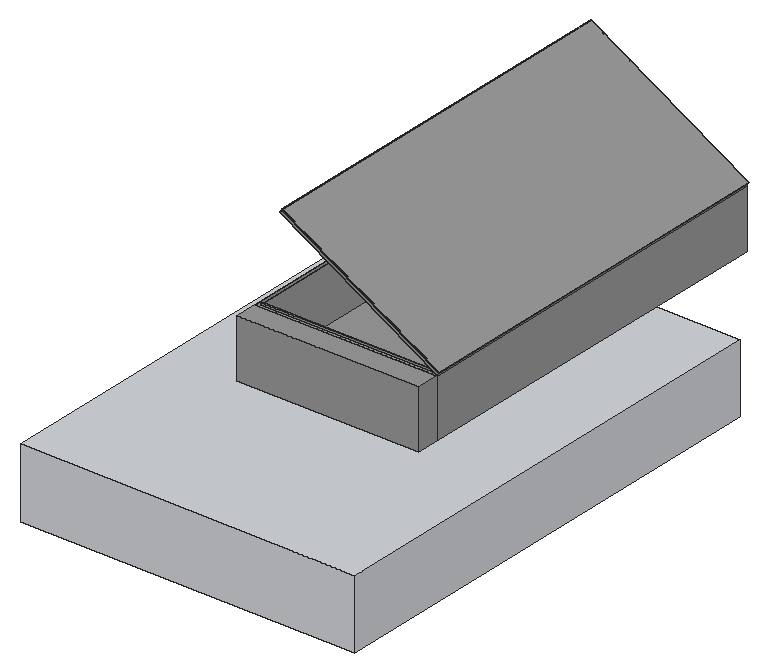
Revit family "Hager-Univers-IP55-D275-H1800-Cl.I-Steel_encl-DE-de", category Equipement électrique, Revit 2020
Family settings
  Hôte = Face
  Configuration du panneau = Deux colonnes, circuits au sein
  Cote de connecteur circulaire = Utiliser le diamètre
  Type d'élément = Tableau de raccordement
  Couper avec des vides une fois chargée = Non
  Partagée = Non
  Point de calcul de pièce = Non
Parameters (values of type "Bodenaufstellung IP55 B800 H1800 T275  - FR13E1")
  Width Control [instance] = if([EF000008 - Breite] > Min Width, [EF000008 - Breite], Min Width)  # 800 mm
  Commentaires du type = [HG000003 - Bereich]  # "Univers"
  Thickness Door [instance] = if([EF009171 - Materialstärke Tür/Deckel] > 3 mm, 3 mm, [EF009171 - Materialstärke Tür/Deckel])  # 1.5 mm
  Seal Frame Offset [instance] = 17 mm  # constant formula
  Plinth Visibility [instance] = [HG000027 - Sockelhöhe] > 0 mm  # yes
  Model = ""
  Min Width [instance] = 100 mm  # constant formula
  Min Height [instance] = 100 mm  # constant formula
  Min Depth [instance] = (2 * [EF009170 - Materialstärke Gehäuse]) + 1 mm  # 4 mm
  Internal Frame Depth [instance] = (Door System Depth * 0.5)  # 9 mm
  Height Control [instance] = if([EF000040 - Höhe] > Min Height, [EF000040 - Höhe], Min Height)  # 1800 mm
  HG000027 - Sockelhöhe = 100 mm
  HG000026 - Stehend auf dem Boden = yes
  HG000024 - Höhe des unteren Teils = 800 mm
  HG000023 - Gehäuse mit doppeltem Querschnitt = no
  HG000016 - 3D-Türsichtbarkeit [instance] = yes
  HG000015 - Sichtbarkeit der Türöffnung [instance] = no
  HG000014 - Tür rechts [instance] = yes
  HG000013 - Tür links [instance] = not([HG000014 - Tür rechts])  # no
  HG000012 - Türschwenkwinkel [instance] = 30.00°
  HG000010 - Asymmetrische Türen = no
  HG000009 - Doppelflügeligen Tür = no
  HG000006 - Unterputz = no
  HG000004 - Herstellerreferenz = "FR13E1"
  HG000003 - Bereich = "Univers"
  HG000002 - Mit tür = yes
  Frame Offset Bottom [instance] = 10 mm  # constant formula
  Frame Offset [instance] = 15 mm  # constant formula
  EF015940 - Deckel mit Überdruckentlastung = no
  EF011959 - Schutzart (NEMA) = ""
  EF009554 - Anzahl der Öffnungen für Flanschplatten = 6
  Fabricant = "Hager"  # constant formula
  EF009212 - Ausführung Deckel = "EV000116 - geschlossen"
  EF009171 - Materialstärke Tür/Deckel = 1.5 mm
  EF009170 - Materialstärke Gehäuse = 1.5 mm
  EF008873 - Nennstrom (In) = 800 A
  EF007800 - Geeignet für Blitzschutz = no
  EF006306 - Mit Schloss = no
  EF006244 - Transparenter Deckel/Tür = no
  EF005474 - Schutzart (IP) = "EV006420 - IP55"
  EF004464 - Art der Tür = "EV002646 - Einzel"
  EF004427 - Anzahl der Module = 396
  EF004293 - Schlagfestigkeit = "EV008784 - IK10"
  EF003532 - Geeignet für Außengebrauch = no
  EF002950 - Breite in Teilungseinheiten = 24
  EF001613 - Funktionserhalt = "EV000494 - ohne"
  EF001596 - Werkstoff des Gehäuses = "EV000179 - Stahl"
  EF001131 - Innentiefe = 275 mm
  EF001088 - Anbaumöglichkeit = yes
  EF000437 - Anzahl der Leitungseinführungen = 6
  EF000339 - Art der Abdeckung = "EV004216 - Tür"
  EF000266 - Anzahl der Reihen = 11
  EF000218 - Einbautiefe = 0 mm
  EF000118 - Mit Montageplatte = no
  EF000116 - RAL-Nummer = "7035"
  EF000049 - Tiefe = 275 mm
  EF000040 - Höhe = 1800 mm
  EF000008 - Breite = 800 mm
  EF000007 - Farbe = "EV000270 - grau"
  EF000003 - Montageart = "EV012274 - Bodenaufstellung"
  Door System Leaf Tolerance [instance] = 1.5 mm  # constant formula
  Door System Depth [instance] = 18 mm  # constant formula
  Door Height [instance] = Height Control - [HG000027 - Sockelhöhe]  # 1700 mm
  Depth Control [instance] = if([EF000049 - Tiefe] > Min Depth, [EF000049 - Tiefe], Min Depth)  # 275 mm
  Default Elevation = 0 mm
  Connector Offset [instance] = Height Control / 2  # 900 mm
  Bottom Top Plate Trim [instance] = 1.5 mm  # constant formula
  Plinth height Ctrl [instance] = if([HG000027 - Sockelhöhe] > 0 mm, [HG000027 - Sockelhöhe], 12 mm)  # 100 mm
Types (5, lengths in mm): name | Width Control | HG000010 - Asymmetrische Türen | HG000009 - Doppelflügeligen Tür | HG000004 - Herstellerreferenz | EF009554 - Anzahl der Öffnungen für Flanschplatten | EF004464 - Art der Tür | EF004427 - Anzahl der Module | EF000437 - Anzahl der Leitungseinführungen | EF000008 - Breite
  Bodenaufstellung IP55 B1050 H1800 T275  - FR14E1 | 1050 | yes | yes | "FR14E1" | 8 | "EV003602 - Doppel" | 528 | 8 | 1050
  Bodenaufstellung IP55 B1300 H1800 T275  - FR15E1 | 1300 | yes | yes | "FR15E1" | 10 | "EV003602 - Doppel" | 660 | 10 | 1300
  Bodenaufstellung IP55 B300 H1800 T275  - FR11E1 | 300 | no | no | "FR11E1" | 2 | "EV002646 - Einzel" | 132 | 2 | 300
  Bodenaufstellung IP55 B550 H1800 T275  - FR12E1 | 550 | no | no | "FR12E1" | 4 | "EV002646 - Einzel" | 264 | 4 | 550
  Bodenaufstellung IP55 B800 H1800 T275  - FR13E1 | 800 | no | no | "FR13E1" | 6 | "EV002646 - Einzel" | 396 | 6 | 800
Reference planes
  plane 1 "Center (Front/Back)": y = 0
  plane 2: z = 0
  plane 3 "Center (Left/Right)": x = 0
  plane 4: z = 275
  plane 5: y = 101.5
  plane 6: y = 950
  plane 7: y = 100
  plane 8: y = 1800
  plane 9: z = 0
  plane 10: x = -385
  plane 11: x = 385
  plane 12: x = 383.5
  plane 13: x = -383.5
  plane 14: y = 1798.5
  plane 15: x = -383
  plane 16: x = -400
  plane 17: x = 383
  plane 18: x = 400
  plane 19: x = 398.5
  plane 20: x = -398.5
  plane 21: y = 111.5
  plane 22: y = 1800
  plane 23: y = 1783.5
  plane 24: z = 257
  plane 25: z = 1.5
  plane 26: z = 255.5
  plane 27: z = 273.5
Forms (mm)
  Extrusion 1, solid
    sketch origin (0, 0, 0) x (1, 0, 0) y (0, 1, 0)
      loop
        line (-702.964, 1305) -> (-702.964, -811.445) -> (766.763, -811.445) -> (766.763, 1305) -> (-702.964, 1305)
    from 0 to -304.8
  Extrusion 2, solid, material "Hager_Steel_RAL7035_Light_Grey", visible <- "Plinth Visibility", detail levels medium+fine
    sketch origin (0, 0, 0) x (1, 0, 0) y (0, 1, 0)
      loop
        line (-400, 0) -> (400, 0) -> (400, 100) -> (-400, 100) -> (-400, 0)
    from 0 to 257
  Extrusion 3, solid, material "Hager_Steel_RAL7035_Light_Grey", detail levels medium+fine
    sketch origin (0, 0, 0) x (1, 0, 0) y (0, 1, 0)
      loop
        line (-400, 100) -> (400, 100) -> (400, 1800) -> (-400, 1800) -> (-400, 100)
    from 0 to 257
  Extrusion 4, void
    sketch origin (0, 0, 0) x (1, 0, 0) y (0, 1, 0)
      loop
        line (-398.5, 101.5) -> (398.5, 101.5) -> (398.5, 1798.5) -> (-398.5, 1798.5) -> (-398.5, 101.5)
    from 1.5 to 255.5
  Extrusion 5, void
    sketch origin (-381.607, -4572, 257) x (0, -1, 0) y (-1, 0, 0)
      loop
        line (-4683.5, 1.893) -> (-6355.5, 1.893) -> (-6355.5, -765.107) -> (-4683.5, -765.107) -> (-4683.5, 1.893)
    from 0 to 1.5 <- "EF009170 - Materialstärke Gehäuse"
  Extrusion 6, solid, material "Hager_Steel_RAL7035_Light_Grey", detail levels fine
    sketch origin (0, 0, 257) x (1, 0, 0) y (0, 1, 0)
      loop
        line (-383.5, 1783.5) -> (-383.5, 111.5) -> (383.5, 111.5) -> (383.5, 1783.5) -> (-383.5, 1783.5)
      loop
        line (-385, 110) -> (385, 110) -> (385, 1785) -> (-385, 1785) -> (-385, 110)
    from 0 to 9 <- "Internal Frame Depth"
  Extrusion 7, solid, material "Hager_Steel_RAL7035_Light_Grey", detail levels coarse
    sketch origin (0, 0, 0) x (1, 0, 0) y (0, 1, 0)
      loop
        line (-400, 0) -> (400, 0) -> (400, 1800) -> (-400, 1800) -> (-400, 0)
    from 0 to 275
  Sweep 8, void
    path in 3D
      loop
        line (-400, 100, 0) -> (400, 100, 0) -> (400, 100, 257) -> (-400, 100, 257) -> (-400, 100, 0)
    profile origin (-400, 100, 128.5) x (-1, 0, 0) y (0, -1, 0)
      loop
        line (0, 0) -> (0, 1.5) -> (-1.5, 1.5)
        arc (-1.5, 1.5) -> (-1.061, 0.439) -> (0, 0) r 1.5
Cuts and joins
  Extrusion 4, Extrusion 5 cuts Extrusion 3
  Sweep 8 cuts Extrusion 2
Lines and regions (mm)
  Masking region 1
    outline origin (0, 0, 0) x (1, 0, 0) y (0, 0, 1)
      loop
        line (-400, 275) -> (-400, 0) -> (400, 0) -> (400, 275) -> (-400, 275)
  Masking region 2, detail levels medium+fine
    outline origin (0, 140, 0) x (0, 1, 0) y (0, 0, 1)
      loop
        line (-40, 0) -> (1660, 0) -> (1660, 257) -> (-40, 257) -> (-40, 0)
  Masking region 3, not visible, detail levels medium+fine
    outline origin (0, 297.922, 0) x (0, 1, 0) y (0, 0, 1)
      loop
        line (663.578, 0) -> (703.578, 0) -> (703.578, 263.5)
        arc (703.578, 263.5) -> (700.649, 270.571) -> (693.578, 273.5) r 10
        line (693.578, 273.5) -> (663.578, 273.5) -> (663.578, 0)
  Masking region 4, detail levels coarse
    outline origin (0, 0, 180) x (0, 1, 0) y (0, 0, 1)
      loop
        line (0, -180) -> (1800, -180) -> (1800, 95) -> (0, 95) -> (0, -180)
  Masking region 5, visible <- "Plinth Visibility", detail levels medium+fine
    outline origin (0, 52.24, 12.345) x (0, 0, -1) y (0, 1, 0)
      loop
        line (10.845, 47.76) -> (-243.155, 47.76)
        arc (-243.155, 47.76) -> (-243.594, 46.699) -> (-244.655, 46.26) r 1.5
        line (-244.655, 46.26) -> (-244.655, -52.24) -> (12.345, -52.24) -> (12.345, 46.26)
        arc (12.345, 46.26) -> (11.285, 46.699) -> (10.845, 47.76) r 1.5
  Masking region 6, detail levels medium+fine
    outline origin (-381.607, -4572, 257) x (-1, 0, 0) y (0, -1, 0)
      loop
        line (18.393, -6372) -> (18.393, -4672) -> (-781.607, -4672) -> (-781.607, -6372) -> (18.393, -6372)
  Masking region 7, visible <- "Plinth Visibility", detail levels medium+fine
    outline origin (-381.607, -4727, 257) x (-1, 0, 0) y (0, -1, 0)
      loop
        arc (16.893, -4827) -> (17.332, -4825.939) -> (18.393, -4825.5) r 1.5
        line (18.393, -4825.5) -> (18.393, -4727) -> (-781.607, -4727) -> (-781.607, -4825.5)
        arc (-781.607, -4825.5) -> (-780.546, -4825.939) -> (-780.107, -4827) r 1.5
        line (-780.107, -4827) -> (16.893, -4827)
  Masking region 8, detail levels coarse
    outline origin (-442.548, -4669.526, 257) x (-1, 0, 0) y (0, -1, 0)
      loop
        line (-42.548, -6469.526) -> (-42.548, -4669.526) -> (-842.548, -4669.526) -> (-842.548, -6469.526) -> (-42.548, -6469.526)
  sketch lines
    curve 1: line (-400, 100, 257) -> (-400, 100, 0)
    curve 2: line (400, 100, 257) -> (-400, 100, 257)
    curve 3: line (400, 100, 257) -> (400, 100, 0)
    curve 4: line (-400, 100, 0) -> (400, 100, 0)
Dimensions and locks
  "Depth Control": plane 4 to Extrusion 1
  "HG000027 - Sockelhöhe": plane 1 "Center (Front/Back)" to plane 7
  "EF009170 - Materialstärke Gehäuse": plane 5 to plane 7
  locked: connector elem to plane 3 "Center (Left/Right)"
  equal spacing: plane 8, plane 6, plane 7
  locked: connector elem to plane 6
  "EF009170 - Materialstärke Gehäuse": plane 8 to plane 14
  "EF009170 - Materialstärke Gehäuse": plane 10 to plane 13
  "EF009170 - Materialstärke Gehäuse": plane 12 to plane 11
  "Frame Offset": plane 20 to plane 13
  "Frame Offset": plane 12 to plane 19
  "EF009170 - Materialstärke Gehäuse": plane 16 to plane 20
  "EF009170 - Materialstärke Gehäuse": plane 19 to plane 18
  "Seal Frame Offset": plane 16 to plane 15
  "Seal Frame Offset": plane 17 to plane 18
  "Frame Offset Bottom": plane 21 to plane 5
  "Frame Offset": plane 14 to plane 23
  equal spacing: plane 16, plane 3 "Center (Left/Right)", plane 18
  "Width Control": plane 16 to plane 18
  "EF009170 - Materialstärke Gehäuse": plane 4 to plane 27
  "EF009170 - Materialstärke Gehäuse": plane 24 to plane 26
  "EF009170 - Materialstärke Gehäuse": plane 25 to level
  "Door System Depth": plane 4 to plane 24
  "Height Control": plane 1 "Center (Front/Back)" to Extrusion 7 sketch curve
  "Height Control": Masking region 4 sketch curve to plane 1 "Center (Front/Back)"
  "Height Control": plane 1 "Center (Front/Back)" to plane 22
  "Bottom Top Plate Trim": profile plane to Sweep 8 sketch curve
  "Bottom Top Plate Trim": Sweep 8 sketch curve to profile plane
  "Plinth height Ctrl": plane 1 "Center (Front/Back)" to Extrusion 2 sketch curve
  "Plinth height Ctrl": Masking region 5 sketch curve to plane 1 "Center (Front/Back)"
  "Plinth height Ctrl": plane 1 "Center (Front/Back)" to Masking region 7 sketch curve
  "Thickness Door": Extrusion 6 sketch curve to Extrusion 6 sketch curve  (x3)
  "Thickness Door": cut or joined group of Extrusion 3, Extrusion 4, Extrusion 5 to Extrusion 6 sketch curve
  radius of Masking region 3 sketch curve = 10 mm
  "Bottom Top Plate Trim": radius of Masking region 5 sketch curve  (x2)
  "Bottom Top Plate Trim": radius of Sweep 8 sketch curve
  "Bottom Top Plate Trim": radius of Masking region 7 sketch curve  (x2)
  aligned and locked: plane 2 to Extrusion 1
  aligned and locked: level to Extrusion 1
  aligned and locked: level to Masking region 1 sketch curve
  aligned and locked: Masking region 1 sketch curve to plane 18
  aligned and locked: Masking region 1 sketch curve to plane 16
  aligned and locked: plane 7 to Masking region 2 sketch curve
  aligned and locked: level to Masking region 3 sketch curve
  aligned and locked: Masking region 3 sketch curve to plane 27
  aligned and locked: level to Masking region 2 sketch curve
  aligned and locked: plane 1 "Center (Front/Back)" to Extrusion 2 sketch curve
  aligned and locked: Extrusion 3 sketch curve to plane 7
  aligned and locked: plane 16 to Extrusion 3 sketch curve
  aligned and locked: plane 18 to Extrusion 3 sketch curve
  aligned and locked: plane 20 to Extrusion 4 sketch curve
  aligned and locked: plane 19 to Extrusion 4 sketch curve
  aligned and locked: Extrusion 4 sketch curve to plane 5
  aligned and locked: Extrusion 4 to plane 25
  aligned and locked: plane 26 to Extrusion 4
  aligned and locked: plane 24 to Extrusion 3
  aligned and locked: Extrusion 5 sketch curve to plane 21
  aligned and locked: Extrusion 5 sketch curve to plane 13
  aligned and locked: Extrusion 5 sketch curve to plane 12
  aligned and locked: plane 18 to Extrusion 7 sketch curve
  aligned and locked: plane 1 "Center (Front/Back)" to Extrusion 7 sketch curve
  aligned and locked: plane 16 to Extrusion 7 sketch curve
  aligned and locked: plane 4 to Extrusion 7
  aligned and locked: Extrusion 7 to level
  aligned and locked: level to Masking region 4 sketch curve
  aligned and locked: Masking region 4 sketch curve to plane 1 "Center (Front/Back)"
  aligned and locked: Masking region 4 sketch curve to plane 4
  aligned and locked: nested 1 to level
  aligned and locked: nested 1 to plane 16
  aligned and locked: plane 8 to Extrusion 3 sketch curve
  aligned and locked: plane 23 to Extrusion 5 sketch curve
  aligned and locked: plane 14 to Extrusion 4 sketch curve
  aligned and locked: Masking region 2 sketch curve to plane 8
  aligned and locked: level to Masking region 5 sketch curve
  aligned and locked: plane 16 to Extrusion 2 sketch curve
  aligned and locked: plane 18 to Extrusion 2 sketch curve
  aligned and locked: Masking region 5 sketch curve to plane 24
  aligned and locked: Masking region 2 sketch curve to plane 24
  aligned and locked: plane 24 to Extrusion 2
  aligned and locked: profile plane to Sweep 8 sketch curve  (x2)
  aligned and locked: Masking region 6 sketch curve to plane 18
  aligned and locked: Masking region 6 sketch curve to plane 22
  aligned and locked: Masking region 6 sketch curve to plane 16
  aligned and locked: plane 8 to plane 22
  aligned and locked: Masking region 6 sketch curve to plane 7
  aligned and locked: Masking region 7 sketch curve to plane 16
  aligned and locked: Masking region 7 sketch curve to plane 1 "Center (Front/Back)"
  aligned and locked: Masking region 7 sketch curve to plane 18
  aligned and locked: Masking region 8 sketch curve to plane 1 "Center (Front/Back)"
  aligned and locked: Masking region 8 sketch curve to plane 18
  aligned and locked: Masking region 8 sketch curve to plane 22
  aligned and locked: Masking region 8 sketch curve to plane 16
  aligned and locked: nested 2 to plane 7
  aligned and locked: plane 3 "Center (Left/Right)" to nested 2
  aligned and locked: nested 2 to plane 24
  aligned and locked: Extrusion 6 sketch curve to cut or joined group of Extrusion 3, Extrusion 4, Extrusion 5  (x4)
Automatic sketch dimensions
  Extrusion 1 sketch curve to Extrusion 1 sketch curve = 1469.727 mm
  Extrusion 1 sketch curve to Extrusion 1 sketch curve = 2116.445 mm
  Masking region 1 sketch curve to plane 4 = 0 mm
  plane 6 to Masking region 3 sketch curve = 11.5 mm
  Masking region 3 sketch curve to Masking region 3 sketch curve = 30 mm
  Masking region 5 sketch curve to plane 1 "Center (Front/Back)" = 0 mm
Nested families
  nested 1: "Hager_Enclosure_Symbol" at (-400, 0, 0) x (1, 0, 0) z (0, -1, 0), Height <- "Depth Control", Width <- "Width Control", type "Hager_Enclosure_Symbol"
    with Width_Ctrl 800 mm, Width 800 mm, Height_Ctrl 275 mm, Height 275 mm, A_Width_Int 18.047 mm, A_Width 216.562 mm, A_Height_Ctrl 240.625 mm, A_Height 240.625 mm
  nested 2: "EC000058_Univers_Door" at (0, 100, 257) x (1, 0, 0) z (0, 1, 0), Leaf_Tolerance <- "Door System Leaf Tolerance", Angle <- "HG000012 - Türschwenkwinkel", Door_Depth <- "Door System Depth", Door_Left <- "HG000013 - Tür links", Transparent <- "EF006244 - Transparenter Deckel/Tür", Assymetrical <- "HG000010 - Asymmetrische Türen", Width <- "Width Control", Clearance <- "HG000015 - Sichtbarkeit der Türöffnung", Double <- "HG000009 - Doppelflügeligen Tür", 3d_Door <- "HG000016 - 3D-Türsichtbarkeit", Lock_Visibility <- "EF006306 - Mit Schloss", Width_Ctrl <- "Width Control", Door_Right <- "HG000014 - Tür rechts", Door <- "HG000002 - Mit tür", Height <- "Door Height", Thickness <- "Thickness Door", type "EC000058_Univers_Door", detail levels medium+fine
    with min_wh 4 mm, Width_Ctrl 800 mm, Width 800 mm, Transparent no, Thickness 1.5 mm, Seal_Material Hager_Rubber, Lock_Visibility no, Lock_Material Hager_Plastic_RAL9005_Jet_Black, Leaf_Width 800 mm, Leaf_Tolerance_External_Sides 0 mm, Leaf_Tolerance 1.5 mm, Leaf_Offset 0 mm, Leaf_Height 1697 mm, Leaf_2_Width 800 mm, Leaf_2_Offset 400 mm, Leaf_1_Width 800 mm, Leaf_1_Offset 400 mm, Height_Ctrl 1700 mm, Height 1700 mm, Glass_Material Hager_Glass, Double_Clearance_Ctrl no, Double no, Door_Right_Ctrl yes, Door_Right yes, Door_Material Hager_Steel_RAL7035_Light_Grey, Door_Left_Ctrl no, Door_Left no, Door_Depth 18 mm, Door yes, Clearance_Material Hager_Clearance, Clearance_Depth 800 mm, Clearance_Ctrl no, Clearance no, Assymetrical no, Angle 30.00°, 3d_Door yes
Connectors
  electrical at (0, 950, 0)
    settings: on plane 9, index 1, voltage 0 V, apparent load 0 VA, apparent load phase1 0 VA, apparent load phase2 0 VA, apparent load phase3 0 VA, power factor 1, load classification "Other", number of poles 1, system type 30, power factor state 1, is connector primary yes, connector utility no, sub classification motor no, connector description ""
Definition of nested family "EC000058_Univers_Door"
  Parameters (values of type "EC000058_Univers_Door")
    min_wh [instance] = (2 * Thickness) + 1 mm  # 11 mm
    Width_Ctrl [instance] = 400 mm
    Width [instance] = 500 mm
    Transparent [instance] = yes
    Thickness [instance] = 5 mm
    Seal_Material [instance] = none
    Lock_Visibility [instance] = yes
    Lock_Material [instance] = none
    Leaf_Width [instance] = if((Width_Ctrl - 2 * Leaf_Tolerance_External_Sides) > 0 mm, (Width_Ctrl - 2 * Leaf_Tolerance_External_Sides), min_wh)  # 400 mm
    Leaf_Tolerance_External_Sides [instance] = 0 mm  # constant formula
    Leaf_Tolerance [instance] = 1.5 mm
    Leaf_Offset [instance] = 0 mm  # constant formula
    Leaf_Height [instance] = if((Height_Ctrl - 2 * Leaf_Tolerance) > 0 mm, (Height_Ctrl - 2 * Leaf_Tolerance), min_wh)  # 497 mm
    Leaf_2_Width [instance] = if(and(and(Double, Assymetrical), Door_Left), (Leaf_Width / 3) - (Leaf_Tolerance / 2), if(and(and(Double, Assymetrical), Door_Right), (Leaf_Width / 3) * 2 - (Leaf_Tolerance / 2), if(and(Double, not(Assymetrical)), (Leaf_Width / 2) - Leaf_Tolerance, Leaf_Width)))  # 400 mm
    Leaf_2_Offset [instance] = if(and(Double, Assymetrical), Leaf_2_Width / 2, if(and(Double, not(Assymetrical)), Leaf_Width / 4, Leaf_Width / 2))  # 200 mm
    Leaf_1_Width [instance] = if(and(and(Double, Assymetrical), Door_Right), (Leaf_Width / 3) - (Leaf_Tolerance / 2), if(and(and(Double, Assymetrical), Door_Left), (Width / 3) * 2 - (Leaf_Tolerance / 2), if(and(Double, not(Assymetrical)), (Leaf_Width / 2) - Leaf_Tolerance, Leaf_Width)))  # 400 mm
    Leaf_1_Offset [instance] = if(and(Double, Assymetrical), Leaf_1_Width / 2, if(and(Double, not(Assymetrical)), Leaf_Width / 4, Leaf_Width / 2))  # 200 mm
    Height_Ctrl [instance] = if(Height > min_wh, Height, min_wh)  # 500 mm
    Height [instance] = 500 mm
    Glass_Material [instance] = none
    Double_Clearance_Ctrl [instance] = and(Double, Clearance)  # no
    Double [instance] = no
    Door_Right_Ctrl [instance] = and(or(Door_Right, Double), Door)  # yes
    Door_Right [instance] = yes
    Door_Material [instance] = none
    Door_Left_Ctrl [instance] = and(or(Door_Left, Double), Door)  # no
    Door_Left [instance] = no
    Door_Depth [instance] = 30 mm
    Door [instance] = yes
    Default Elevation = 1219.2 mm
    Clearance_Material [instance] = none
    Clearance_Depth [instance] = if(Leaf_1_Width > Leaf_2_Width, Leaf_1_Width, Leaf_2_Width)  # 400 mm
    Clearance_Ctrl [instance] = and(not(Double), Clearance)  # yes
    Clearance [instance] = yes
    Assymetrical [instance] = yes
    Angle [instance] = 30.00°
    3d_Door [instance] = yes
  Reference planes
    plane 1 "Center (Front/Back)": y = 0
    plane 2 "Bottom": z = 0
    plane 3 "Center (Left/Right)": x = 0
    plane 4: z = 500
    plane 5: x = -200
    plane 6: x = 200
    plane 7: z = 500
    plane 8: x = -200
    plane 9: z = 0
    plane 10: x = 200
    plane 11: y = 0
    plane 12: z = 1.5
    plane 13: x = -600
    plane 14: y = -400
    plane 15: x = 600
    plane 16: x = 0
    plane 17: x = 0
    plane 18: x = -200
    plane 19: x = 200
    plane 20: z = 498.5
  Forms (mm)
    Extrusion 1, solid, material <- "Clearance_Material", visible <- "Double_Clearance_Ctrl"
      sketch origin (1200, 0, 0) x (1, 0, 0) y (0, 0, -1)
        loop
          line (-1800, -498.5) -> (-600, -498.5) -> (-600, 0) -> (-1800, 0) -> (-1800, -498.5)
      from 0 to -400
  Dimensions and locks
    equal spacing: plane 5, plane 3 "Center (Left/Right)", plane 6
    "Width_Ctrl": plane 5 to plane 6
    "Leaf_Offset": plane 5 to plane 8
    "Leaf_Offset": plane 6 to plane 10
    "Leaf_Offset": plane 9 to level
    "Leaf_Offset": plane 4 to plane 7
    "Height_Ctrl": plane 4 to level
    "Leaf_Tolerance": plane 12 to plane 9
    locked: plane 11 to plane 1 "Center (Front/Back)"
    "Leaf_1_Offset": plane 18 to plane 16
    "Leaf_2_Offset": plane 17 to plane 19
    "Leaf_1_Width": plane 13 to plane 8
    "Leaf_2_Width": plane 10 to plane 15
    "Clearance_Depth": plane 14 to plane 1 "Center (Front/Back)"
    "Leaf_Tolerance_External_Sides": plane 8 to plane 18
    "Leaf_Tolerance_External_Sides": plane 19 to plane 10
    "Leaf_Tolerance": plane 7 to plane 20
    aligned and locked: level to plane 2 "Bottom"
    aligned and locked: nested 1 to plane 16
    aligned and locked: nested 2 to plane 17
    aligned and locked: Extrusion 1 to plane 13
    aligned and locked: plane 15 to Extrusion 1
    aligned and locked: Extrusion 1 to plane 14
    aligned and locked: plane 12 to nested 1
    aligned and locked: nested 2 to plane 12
    aligned and locked: Extrusion 1 to plane 11
    aligned and locked: plane 20 to Extrusion 1
    aligned and locked: nested 2 to plane 11
    aligned and locked: nested 1 to plane 11
  Automatic sketch dimensions
    Extrusion 1 sketch curve to level = 0 mm
    plane 5 to Extrusion 1 sketch curve = 400 mm
    plane 6 to Extrusion 1 sketch curve = 400 mm
    Extrusion 1 sketch curve to plane 4 = 1.5 mm
  Nested families
    nested 1: "EC000058_Univers_Door_Leaf" at (0, 0, 1.5), Width <- "Leaf_1_Width", visible <- "Door_Left_Ctrl", Leaf_Height <- "Leaf_Height", Angle <- "Angle", 3d_Door <- "3d_Door", Transparent <- "Transparent", Clearance Material <- "Clearance_Material", Clearance <- "Clearance_Ctrl", Door_Material <- "Door_Material", Glass_Material <- "Glass_Material", Door_Depth <- "Door_Depth", Lock_Material <- "Lock_Material", Seal_Material <- "Seal_Material", Lock_Visibility <- "Lock_Visibility", Thickness <- "Thickness", type "EC000058_Univers_Door_Leaf"
      with Width 400 mm, Transparent_Glass_Offset 30 mm, Transparent_Ctrl yes, Transparent yes, Thickness 5 mm, Standard no, Seal_Material none, Seal_D2 8 mm, Seal_D1 1 mm, Offset_Internal_Frame 10 mm, Lock_Width 20 mm, Lock_Visibility_3d yes, Lock_Visibility yes, Lock_Thickness_3 3 mm, Lock_Thickness_2 1 mm, Lock_Thickness_1 3 mm, Lock_Radius_Offset_2 16 mm, Lock_Radius_Offset_1 15 mm, Lock_Radius_2 5 mm, Lock_Radius 6 mm, Lock_Offset 5 mm, Lock_Material none, Lock_Height 80 mm, Lock_Cover_Top_Offset_2d 17 mm, Lock_Cover_Height -65 mm, Leaf_Height 497 mm, Internal_Seal_Thickness 8 mm, Internal_Seal_Depth_2 4.5 mm, Internal_Frame_Depth 25 mm, Glass_Thickness -1 mm, Glass_Offset -2 mm, Glass_Material none, Door_Material none, Door_Depth 30 mm, Clearance Material none, Clearance yes, Angle_Ctrl 30.00°, Angle 30.00°, 3d_Door yes
    nested 2: "EC000058_Univers_Door_Leaf" at (0, 0, 1.5) x (-1, 0, 0) z (0, 0, 1), Width <- "Leaf_2_Width", visible <- "Door_Right_Ctrl", Leaf_Height <- "Leaf_Height", Angle <- "Angle", 3d_Door <- "3d_Door", Transparent <- "Transparent", Clearance Material <- "Clearance_Material", Clearance <- "Clearance_Ctrl", Door_Material <- "Door_Material", Glass_Material <- "Glass_Material", Door_Depth <- "Door_Depth", Lock_Material <- "Lock_Material", Seal_Material <- "Seal_Material", Lock_Visibility <- "Lock_Visibility", Thickness <- "Thickness", type "EC000058_Univers_Door_Leaf"
      with Width 400 mm, Transparent_Glass_Offset 30 mm, Transparent_Ctrl yes, Transparent yes, Thickness 5 mm, Standard no, Seal_Material none, Seal_D2 8 mm, Seal_D1 1 mm, Offset_Internal_Frame 10 mm, Lock_Width 20 mm, Lock_Visibility_3d yes, Lock_Visibility yes, Lock_Thickness_3 3 mm, Lock_Thickness_2 1 mm, Lock_Thickness_1 3 mm, Lock_Radius_Offset_2 16 mm, Lock_Radius_Offset_1 15 mm, Lock_Radius_2 5 mm, Lock_Radius 6 mm, Lock_Offset 5 mm, Lock_Material none, Lock_Height 80 mm, Lock_Cover_Top_Offset_2d 17 mm, Lock_Cover_Height -65 mm, Leaf_Height 497 mm, Internal_Seal_Thickness 8 mm, Internal_Seal_Depth_2 4.5 mm, Internal_Frame_Depth 25 mm, Glass_Thickness -1 mm, Glass_Offset -2 mm, Glass_Material none, Door_Material none, Door_Depth 30 mm, Clearance Material none, Clearance yes, Angle_Ctrl 30.00°, Angle 30.00°, 3d_Door yes
  Definition of nested family "EC000058_Univers_Door_Leaf"
    Parameters (values of type "EC000058_Univers_Door_Leaf")
      Width [instance] = 2000 mm
      Transparent_Glass_Offset [instance] = 30 mm
      Transparent_Ctrl [instance] = and(Transparent, [3d_Door])  # yes
      Transparent [instance] = yes
      Thickness [instance] = 5 mm
      Standard [instance] = and(not(Transparent), [3d_Door])  # no
      Seal_Material [instance] = none
      Seal_D2 [instance] = 8 mm  # constant formula
      Seal_D1 [instance] = 1 mm  # constant formula
      Offset_Internal_Frame [instance] = 10 mm  # constant formula
      Lock_Width [instance] = 20 mm  # constant formula
      Lock_Visibility_3d [instance] = and(Lock_Visibility, [3d_Door])  # yes
      Lock_Visibility [instance] = yes
      Lock_Thickness_3 [instance] = 3 mm  # constant formula
      Lock_Thickness_2 [instance] = 1 mm  # constant formula
      Lock_Thickness_1 [instance] = 3 mm  # constant formula
      Lock_Radius_Offset_2 [instance] = Lock_Radius_Offset_1 + 1 mm  # 16 mm
      Lock_Radius_Offset_1 [instance] = 15 mm  # constant formula
      Lock_Radius_2 [instance] = Lock_Radius - 1 mm  # 5 mm
      Lock_Radius [instance] = 6 mm  # constant formula
      Lock_Offset [instance] = 5 mm  # constant formula
      Lock_Material [instance] = none
      Lock_Height [instance] = 80 mm  # constant formula
      Lock_Cover_Top_Offset_2d [instance] = Lock_Radius_Offset_2 + 1 mm  # 17 mm
      Lock_Cover_Height [instance] = -(Lock_Height - Lock_Radius_Offset_1)  # -65 mm
      Leaf_Height [instance] = 2720.336 mm
      Internal_Seal_Thickness [instance] = 8 mm  # constant formula
      Internal_Seal_Depth_2 [instance] = 4.5 mm  # constant formula
      Internal_Frame_Depth [instance] = if(Door_Depth - Thickness > 5 mm, Door_Depth - Thickness, 5 mm)  # 25 mm
      Glass_Thickness [instance] = if(Thickness > 15 mm, Glass_Offset + 10 mm, -1 mm)  # -1 mm
      Glass_Offset [instance] = if(Thickness > 15 mm, -(Thickness + 10 mm) / 2, -2 mm)  # -2 mm
      Glass_Material [instance] = none
      Door_Material [instance] = none
      Door_Depth [instance] = 30 mm
      Default Elevation = 0 mm
      Clearance Material [instance] = none
      Clearance [instance] = yes
      Angle_Ctrl [instance] = if(Angle > 180.00°, 180.00°, Angle)  # 90.00°
      Angle [instance] = 90.00°
      3d_Door [instance] = yes
    Reference planes
      plane 1 "Center (Front/Back)": y = 0
      plane 2: z = 0
      plane 3 "Center (Left/Right)": x = 0
      plane 4: y = 2000
      plane 5: x = -1000
      plane 6: x = 1000
      plane 7: x = -3000
      plane 8: z = 2720.336
      plane 9: z = 30
      plane 10: z = 2690.336
      plane 11: x = 970
      plane 12: x = -970
      plane 13: y = -3
      plane 14: z = 107.833
      plane 15: y = -5
      plane 16: y = -223.314
      plane 17: x = -1000
      plane 18: z = 1360.168
      plane 19: y = 30
    Forms (mm)
      Extrusion 1, solid, material <- "Clearance Material", visible <- "Clearance"
        sketch origin (0, 0, 0) x (1, 0, 0) y (0, 0, 1)
          loop
            line (-3000, 2720.336) -> (-3000, 0) -> (1000, 0) -> (1000, 2720.336) -> (-3000, 2720.336)
        from 0 to -2000
      Extrusion 2, solid, material <- "Door_Material", visible <- "Standard", detail levels medium+fine
        sketch origin (-1000, 0, 0) x (0, 1, 0) y (-1, 0, 0)
          loop
            line (0, 30) -> (0, 25) -> (2000, 25) -> (2000, 30) -> (0, 30)
        from 0 to 2720.336 <- "Leaf_Height"
      Extrusion 3, solid, material <- "Door_Material", visible <- "Transparent_Ctrl", detail levels medium+fine
        sketch origin (-1000, 0, 0) x (0, 1, 0) y (-1, 0, 0)
          loop
            line (0, 25) -> (2000, 25) -> (2000, 30) -> (0, 30) -> (0, 25)
        from 0 to 2720.336 <- "Leaf_Height"
      Extrusion 4, void
        sketch origin (-1025, 2000, 0) x (0, 1, 0) y (0, 0, -1)
          loop
            line (-30, -2690.336) -> (-30, -30) -> (-1970, -30) -> (-1970, -2690.336) -> (-30, -2690.336)
        from 0 to 5 <- "Thickness"
      Sweep 5, solid, material <- "Seal_Material", visible <- "Transparent_Ctrl", detail levels fine
        path in 3D
          loop
            line (-1025, 30, 30) -> (-1025, 30, 2690.336) -> (-1025, 1970, 2690.336) -> (-1025, 1970, 30) -> (-1025, 30, 30)
        profile origin (-1025, 1000, 30) x (1, 0, 0) y (0, 0, 1)
          loop
            line (0, 0) -> (0, -8) -> (1, -8) -> (1, 0) -> (0, 0)
      Extrusion 6, solid, material <- "Glass_Material", visible <- "Transparent_Ctrl", detail levels medium+fine
        sketch origin (-1030, 0, 0) x (0, 1, 0) y (0, 0, -1)
          loop
            line (1970, -2690.336) -> (1970, -30) -> (30, -30) -> (30, -2690.336) -> (1970, -2690.336)
        from -2 <- "Glass_Offset" to -1 <- "Glass_Thickness"
      Extrusion 7, solid, material <- "Door_Material", visible <- "3d_Door", detail levels medium+fine
        sketch origin (-1025, 2000, 0) x (0, -1, 0) y (0, 0, -1)
          loop
            line (0, -2720.336) -> (2000, -2720.336) -> (2000, 0) -> (0, 0) -> (0, -2720.336)
          loop
            line (1995, -5) -> (5, -5) -> (5, -2715.336) -> (1995, -2715.336) -> (1995, -5)
        from 0 to 25 <- "Internal_Frame_Depth"
      Sweep 8, solid, material <- "Seal_Material", visible <- "Transparent_Ctrl", detail levels fine
        path in 3D
          loop
            line (-1025, 0, 0) -> (-1025, 2000, 0) -> (-1025, 2000, 2720.336) -> (-1025, 0, 2720.336) -> (-1025, 0, 0)
        profile origin (-1025, 0, 1360.168) x (1, 0, 0) y (0, 1, 0)
          loop
            line (0, 10) -> (2.975, 10)
            arc (2.975, 10) -> (4.053, 10.447) -> (4.5, 11.525) r 1.525
            line (4.5, 11.525) -> (4.5, 16.527)
            arc (4.5, 16.527) -> (4.069, 17.569) -> (3.027, 18) r 1.473
            line (3.027, 18) -> (0, 18) -> (0, 10)
      Extrusion 9, solid, material <- "Lock_Material", visible <- "Lock_Visibility_3d", detail levels fine
        sketch origin (-1030, 0, 0) x (0, 1, 0) y (0, 0, -1)
          loop
            arc (1993.5, -1400.168) -> (1994.561, -1399.729) -> (1995, -1398.668) r 1.5
            line (1995, -1398.668) -> (1995, -1320.168) -> (1975, -1320.168) -> (1975, -1398.668)
            arc (1975, -1398.668) -> (1975.439, -1399.729) -> (1976.5, -1400.168) r 1.5
            line (1976.5, -1400.168) -> (1993.5, -1400.168)
        from 3 <- "Lock_Thickness_1" to 0
      Blend 10, solid, material <- "Lock_Material", visible <- "Lock_Visibility_3d", detail levels fine
        base sketch origin (-1033, 0, 0) x (0, 1, 0) y (0, 0, -1)
          loop
            line (1975, -1320.168) -> (1975, -1398.668)
            arc (1975, -1398.668) -> (1975.439, -1399.729) -> (1976.5, -1400.168) r 1.5
            line (1976.5, -1400.168) -> (1993.5, -1400.168)
            arc (1993.5, -1400.168) -> (1994.561, -1399.729) -> (1995, -1398.668) r 1.5
            line (1995, -1398.668) -> (1995, -1320.168) -> (1975, -1320.168)
        top sketch origin (-1033, 0, 0) x (0, 1, 0) y (0, 0, -1)
          loop
            line (1976, -1320.168) -> (1976, -1398.668)
            arc (1976, -1398.668) -> (1976.146, -1399.022) -> (1976.5, -1399.168) r 0.5
            line (1976.5, -1399.168) -> (1993.5, -1399.168)
            arc (1993.5, -1399.168) -> (1993.854, -1399.022) -> (1994, -1398.668) r 0.5
            line (1994, -1398.668) -> (1994, -1320.168) -> (1976, -1320.168)
        from 0 to 1 <- "Lock_Thickness_2"
      Blend 11, solid, material <- "Lock_Material", visible <- "Lock_Visibility_3d", detail levels fine
        base sketch origin (-1034, 0, 0) x (0, 1, 0) y (0, 0, -1)
          loop
            line (1978, -1320.168) -> (1978, -1384.168)
            arc (1978, -1384.168) -> (1985, -1391.168) -> (1992, -1384.168) r 7
            line (1992, -1384.168) -> (1992, -1320.168) -> (1978, -1320.168)
        top sketch origin (-1034, 0, 0) x (0, 1, 0) y (0, 0, -1)
          loop
            line (1991, -1320.168) -> (1979, -1320.168) -> (1979, -1383.168)
            arc (1979, -1383.168) -> (1985, -1389.168) -> (1991, -1383.168) r 6
            line (1991, -1383.168) -> (1991, -1320.168)
        from 0 to 3 <- "Lock_Thickness_3"
      Extrusion 12, solid, material <- "Lock_Material", visible <- "Lock_Visibility_3d", detail levels fine
        sketch origin (-1030, 1975, 1320.168) x (1, 0, 0) y (0, -1, 0)
          loop
            line (-7, -19) -> (-7, -1) -> (0, -1) -> (0, 0) -> (-8, 0) -> (-8, -20) -> (0, -20) -> (0, -19) -> (-7, -19)
        from 0 to -65 <- "Lock_Cover_Height"
      Extrusion 13, void
        sketch origin (-1038, 1995, 1320.168) x (-1, 0, 0) y (0, 0, -1)
          loop
            line (-5, -65) -> (0, -65) -> (-5, -60) -> (-5, -65)
        from 0 to 20 <- "Lock_Width"
      Extrusion 14, void
        sketch origin (-1038, 1975, 1320.168) x (0, -1, 0) y (0, 0, -1)
          loop
            circle (-10, -15.995) r 6
          loop
            circle (-10, -15.995) r 5
        from 0 to 2
      Extrusion 15, solid, material <- "Lock_Material", visible <- "Lock_Visibility_3d", detail levels medium
        sketch origin (-1030, 0, 0) x (0, 1, 0) y (0, 0, -1)
          loop
            arc (1993.5, -1400.168) -> (1994.561, -1399.729) -> (1995, -1398.668) r 1.5
            line (1995, -1398.668) -> (1995, -1320.168) -> (1975, -1320.168) -> (1975, -1398.668)
            arc (1975, -1398.668) -> (1975.439, -1399.729) -> (1976.5, -1400.168) r 1.5
            line (1976.5, -1400.168) -> (1993.5, -1400.168)
        from 8 to 0
    Cuts and joins
      Extrusion 4 cuts Extrusion 3
      Extrusion 13, Extrusion 14 cuts Extrusion 9
      Extrusion 14 cuts Blend 11
      Extrusion 13, Extrusion 14 cuts Extrusion 12
      joined: Extrusion 9, Blend 10, Blend 11, Extrusion 12
      Extrusion 14 cuts Extrusion 15
    Lines and regions (mm)
      Masking region 1, visible <- "Lock_Visibility", detail levels fine
        outline origin (0, 0, 0) x (0, 1, 0) y (0, 0, 1)
          loop
            line (30, 1320.168) -> (33, 1320.168) -> (33, 1400.168) -> (30, 1400.168) -> (30, 1320.168)
      Masking region 2, visible <- "Lock_Visibility", detail levels fine
        outline origin (0, 3.143, 0) x (0, 1, 0) y (0, 0, 1)
          loop
            line (29.857, 1354.168) -> (30.857, 1354.168) -> (30.857, 1366.168) -> (29.857, 1366.168) -> (29.857, 1354.168)
      Masking region 3, detail levels medium+fine
        outline origin (0, 0, 0) x (0, 1, 0) y (0, 0, 1)
          loop
            line (0, 0) -> (30, 0) -> (30, 2720.336) -> (0, 2720.336) -> (0, 0)
      Masking region 4, detail levels medium+fine
        outline origin (0, 0, 0) x (1, 0, 0) y (0, 0, 1)
          loop
            line (-1000, 2720.336) -> (-1000, 0) -> (1000, 0) -> (1000, 2720.336) -> (-1000, 2720.336)
      Masking region 5, visible <- "Lock_Visibility", detail levels fine
        outline origin (-47.116, 0, 0) x (1, 0, 0) y (0, 0, 1)
          loop
            arc (1024.616, 1399.168) -> (1023.556, 1398.729) -> (1023.116, 1397.668) r 1.5
            line (1023.116, 1397.668) -> (1023.116, 1320.168) -> (1041.116, 1320.168) -> (1041.116, 1397.668)
            arc (1041.116, 1397.668) -> (1040.677, 1398.729) -> (1039.616, 1399.168) r 1.5
            line (1039.616, 1399.168) -> (1024.616, 1399.168)
      Masking region 6, visible <- "Lock_Visibility", detail levels medium+fine
        outline origin (-25, 0, 0) x (1, 0, 0) y (0, 0, 1)
          loop
            arc (1001.5, 1400.168) -> (1000.439, 1399.729) -> (1000, 1398.668) r 1.5
            line (1000, 1398.668) -> (1000, 1320.168) -> (1020, 1320.168) -> (1020, 1398.668)
            arc (1020, 1398.668) -> (1019.561, 1399.729) -> (1018.5, 1400.168) r 1.5
            line (1018.5, 1400.168) -> (1001.5, 1400.168)
      Masking region 7, visible <- "Lock_Visibility", detail levels fine
        outline origin (-73.735, 0, 0) x (1, 0, 0) y (0, 0, 1)
          loop
            line (1051.735, 1382.168) -> (1065.735, 1382.168) -> (1065.735, 1384.168)
            arc (1065.735, 1384.168) -> (1058.735, 1391.168) -> (1051.735, 1384.168) r 7
            line (1051.735, 1384.168) -> (1051.735, 1382.168)
      Masking region 8, visible <- "Lock_Visibility", detail levels fine
        outline origin (-73.735, 0, 0) x (1, 0, 0) y (0, 0, 1)
          loop
            line (1052.735, 1382.168) -> (1064.735, 1382.168) -> (1064.735, 1383.168)
            arc (1064.735, 1383.168) -> (1058.735, 1389.168) -> (1052.735, 1383.168) r 6
            line (1052.735, 1383.168) -> (1052.735, 1382.168)
      Masking region 9, visible <- "Lock_Visibility", detail levels fine
        outline origin (-25, 0, 0) x (1, 0, 0) y (0, 0, 1)
          loop
            line (1020, 1320.168) -> (1020, 1382.168) -> (1000, 1382.168) -> (1000, 1320.168) -> (1020, 1320.168)
      Masking region 10, detail levels medium+fine
        outline origin (0, 0, 0) x (1, 0, 0) y (0, 0, 1)
          loop
            circle (985, 1335.144) r 6
      Masking region 11, detail levels fine
        outline origin (0, 0, 0) x (1, 0, 0) y (0, 0, 1)
          loop
            circle (985, 1335.144) r 5
      Masking region 12, visible <- "Lock_Visibility", detail levels fine
        outline origin (0, 12.767, 0) x (0, 1, 0) y (0, 0, 1)
          loop
            line (20.233, 1320.168) -> (21.233, 1320.168) -> (21.233, 1399.168) -> (20.233, 1400.168) -> (20.233, 1320.168)
      Masking region 13, visible <- "Lock_Visibility", detail levels fine
        outline origin (0, 13.767, -10) x (0, 1, 0) y (0, 0, 1)
          loop
            line (20.233, 1330.168) -> (23.233, 1330.168) -> (23.233, 1399.168) -> (20.233, 1402.168) -> (20.233, 1330.168)
      Masking region 14, visible <- "Lock_Visibility", detail levels fine
        outline origin (0, 12.767, -10) x (0, 1, 0) y (0, 0, 1)
          loop
            line (20.233, 1330.168) -> (25.233, 1330.168) -> (25.233, 1399.305) -> (20.233, 1394.305) -> (20.233, 1330.168)
      Masking region 15, visible <- "Lock_Visibility", detail levels medium
        outline origin (0, 0, 0) x (0, 1, 0) y (0, 0, 1)
          loop
            line (30, 1320.168) -> (38, 1320.168) -> (38, 1400.168) -> (30, 1400.168) -> (30, 1320.168)
      Masking region 16, visible <- "Lock_Visibility", detail levels fine
        outline origin (-1000, 0, 0) x (0, 1, 0) y (-1, 0, 0)
          loop
            line (1975, 30) -> (1995, 30) -> (1995, 38) -> (1975, 38) -> (1975, 30)
          loop
            line (1979, 37) -> (1976, 37) -> (1976, 34) -> (1978, 34) -> (1979, 37)
          loop
            line (1994, 37) -> (1991, 37) -> (1992, 34) -> (1994, 34) -> (1994, 37)
      Masking region 17, visible <- "Lock_Visibility", detail levels medium
        outline origin (-1000, 0, 0) x (0, 1, 0) y (-1, 0, 0)
          loop
            line (1975, 30) -> (1995, 30) -> (1995, 38) -> (1975, 38) -> (1975, 30)
      symbolic lines
        curve 1: line (1000, 0, 0) -> (-3000, 0, 0)
        curve 2: arc (1000, 0, 0) -> (-1000, 2000, 0) -> (-3000, 0, 0) r 2000
        curve 4: line (-1030, 0, 0) -> (-1030, 2000, 0)
      reference lines
        curve 3: line (-1000, 0, 0) -> (-1000, 2000, 0)
      symbolic lines, detail levels medium+fine
        curve 5: line (-1030, 2000, 0) -> (-1025, 2000, 0)
        curve 7: line (-1025, 0, 0) -> (-1030, 0, 0)
        curve 8: line (-1025, 0, 0) -> (-1000, 0, 0)
        curve 9: line (-1000, 0, 0) -> (-1000, 2000, 0)
        curve 10: line (-1000, 2000, 0) -> (-1025, 2000, 0)
      symbolic lines, detail levels fine
        curve 6: line (-1025, 2000, 0) -> (-1025, 0, 0)
      sketch lines
        curve 11: line (-1025, 0, 2720.336) -> (-1025, 0, 0)
        curve 12: line (-1025, 2000, 0) -> (-1025, 0, 0)
        curve 13: line (-1025, 2000, 2720.336) -> (-1025, 2000, 0)
        curve 14: line (-1025, 0, 2720.336) -> (-1025, 2000, 2720.336)
        curve 15: line (-1025, 1970, 30) -> (-1025, 30, 30)
        curve 16: line (-1025, 30, 30) -> (-1025, 30, 2690.336)
        curve 17: line (-1025, 1970, 2690.336) -> (-1025, 1970, 30)
        curve 18: line (-1025, 30, 2690.336) -> (-1025, 1970, 2690.336)
      symbolic lines, visible <- "Transparent", detail levels medium+fine
        curve 19: line (-970, 0, 2690.336) -> (970, 0, 2690.336)
        curve 20: line (-970, 0, 30) -> (-970, 0, 2690.336)
        curve 21: line (970, 0, 30) -> (-970, 0, 30)
        curve 22: line (970, 0, 2690.336) -> (970, 0, 30)
    Dimensions and locks
      "Width": plane 1 "Center (Front/Back)" to plane 4
      equal spacing: plane 5, plane 3 "Center (Left/Right)", plane 6
      "Width": plane 5 to plane 6
      "Width": plane 7 to plane 5
      "Leaf_Height": plane 8 to level
      "Width": curve 5 to curve 3
      "Width": curve 3 to curve 3
      plane 8 to plane 10 = 30 mm
      plane 9 to level = 30 mm
      plane 12 to plane 5 = 30 mm
      plane 6 to plane 11 = 30 mm
      Extrusion 1 to Extrusion 4 sketch curve = 30 mm
      "Transparent_Glass_Offset": curve 3 to Extrusion 4 sketch curve
      "Transparent_Glass_Offset": Extrusion 4 sketch curve to cut or joined group of Extrusion 3, Extrusion 4  (x2)
      cut or joined group of Extrusion 3, Extrusion 4 to Extrusion 6 sketch curve = 30 mm
      "Transparent_Glass_Offset": cut or joined group of Extrusion 3, Extrusion 4 to Extrusion 4 sketch curve
      "Thickness": curve 6 to curve 4
      "Thickness": Extrusion 7 sketch curve to Extrusion 7 sketch curve  (x4)
      "Door_Depth": curve 4 to curve 3
      "Offset_Internal_Frame": profile plane to Sweep 8 sketch curve
      "Internal_Seal_Thickness": Sweep 8 sketch curve to Sweep 8 sketch curve
      "Internal_Seal_Depth_2": profile plane to Sweep 8 sketch curve
      "Seal_D1": profile plane to Sweep 5 sketch curve
      "Seal_D2": profile plane to Sweep 5 sketch curve
      "Thickness": Extrusion 2 sketch curve to Extrusion 2 sketch curve
      equal spacing: Extrusion 9 sketch curve, plane 18, Extrusion 9 sketch curve  (x2)
      equal spacing: Masking region 1 sketch curve, plane 18, Masking region 1 sketch curve
      "Lock_Height": Masking region 1 sketch curve to Masking region 1 sketch curve
      "Lock_Radius": Masking region 2 sketch curve to plane 18 to Masking region 2 sketch curve
      Masking region 2 sketch curve to Masking region 1 = 1 mm
      "Door_Depth": plane 19 to plane 1 "Center (Front/Back)"
      "Lock_Thickness_1": Masking region 1 sketch curve to plane 19
      "Lock_Width": Extrusion 9 sketch curve to Extrusion 9 sketch curve
      "Lock_Height": Extrusion 9 sketch curve to Extrusion 9 sketch curve
      "Lock_Offset": cut or joined group of Extrusion 3, Extrusion 4 to Extrusion 9 sketch curve
      equal spacing: plane 8, plane 18, level
      "Lock_Radius_Offset_1": Blend 11 sketch curve to Blend 10
      locked: Blend 10 to Blend 11 sketch curve at 2  (x2)
      locked: var sketch to Blend 11 sketch curve at 1  (x2)
      "Lock_Radius_Offset_2": Blend 11 sketch curve to Blend 10
      locked: Extrusion 12 sketch curve to Extrusion 12 sketch curve at 1  (x3)
      Masking region 6 sketch curve to Masking region 6 sketch curve = 80 mm
      "Lock_Height": Masking region 6 sketch curve to Masking region 6 sketch curve
      "Lock_Width": Masking region 6 sketch curve to Masking region 6 sketch curve
      locked: Masking region 6 to Masking region 5 sketch curve at 1  (x3)
      locked: Masking region 5 to Masking region 7 sketch curve at 2  (x2)
      "Lock_Radius_Offset_1": Masking region 5 to Masking region 7 sketch curve
      "Lock_Radius_Offset_2": Masking region 5 to Masking region 8 sketch curve
      locked: Masking region 7 to Masking region 8 sketch curve at 1  (x2)
      "Lock_Cover_Top_Offset_2d": Masking region 5 to Masking region 9 sketch curve
      equal spacing: Masking region 9, Masking region 10 sketch curve, Masking region 9
      equal spacing: Masking region 9, Masking region 11 sketch curve, Masking region 9
      Extrusion 15 sketch curve to Extrusion 15 sketch curve = 80 mm
      "Lock_Width": Extrusion 15 sketch curve to Extrusion 15 sketch curve
      "Lock_Height": Extrusion 15 sketch curve to Extrusion 15 sketch curve
      equal spacing: Extrusion 15 sketch curve, plane 18, Extrusion 15 sketch curve
      "Lock_Thickness_3": Masking region 13 sketch curve to Masking region 13 sketch curve
      "Lock_Height": Masking region 12 sketch curve to Masking region 12 sketch curve
      locked: Masking region 13 sketch curve to Masking region 1 at 8
      locked: Masking region 14 sketch curve to Masking region 13 at 1
      locked: Masking region 14 sketch curve to Masking region 1 at 10.863
      "Lock_Height": Masking region 15 sketch curve to Masking region 15 sketch curve
      "Lock_Offset": Extrusion 15 sketch curve to cut or joined group of Extrusion 3, Extrusion 4
      "Lock_Offset": plane 6 to Masking region 6 sketch curve
      radius of Sweep 8 sketch curve = 1.525 mm
      radius of Sweep 8 sketch curve = 1.473 mm
      radius of Extrusion 9 sketch curve = 1.5 mm  (x2)
      "Lock_Radius": radius of Extrusion 14 sketch curve
      "Lock_Radius_2": radius of Extrusion 14 sketch curve
      "Lock_Radius": radius of Masking region 10 sketch curve
      "Lock_Radius_2": radius of Masking region 11 sketch curve
      radius of Extrusion 15 sketch curve = 1.5 mm  (x2)
      "Angle_Ctrl": angle plane 1 "Center (Front/Back)" to curve 3
      locked: Masking region 12 sketch curve to Masking region 12 sketch curve (angle 45.00°)
      locked: Masking region 13 sketch curve to Masking region 13 sketch curve (angle 45.00°)
      locked: Masking region 14 sketch curve to Masking region 14 sketch curve (angle 45.00°)
      aligned and locked: level to plane 2
      aligned and locked: Extrusion 1 to curve 1
      aligned and locked: plane 6 to Extrusion 1
      aligned and locked: Extrusion 1 to plane 1 "Center (Front/Back)"
      aligned and locked: plane 4 to Extrusion 1
      aligned and locked: plane 8 to Extrusion 1
      aligned and locked: curve 7 to Extrusion 2 sketch curve
      aligned and locked: curve 5 to Extrusion 2 sketch curve
      aligned and locked: curve 7 to Extrusion 3 sketch curve
      aligned and locked: Extrusion 3 sketch curve to curve 4
      aligned and locked: Extrusion 3 sketch curve to curve 6
      aligned and locked: Extrusion 3 sketch curve to curve 5
      aligned and locked: curve 9 to curve 3
      aligned and locked: Extrusion 7 sketch curve to cut or joined group of Extrusion 3, Extrusion 4  (x4)
      aligned and locked: plane 17 to curve 3
      aligned and locked: plane 1 "Center (Front/Back)" to curve 3
      aligned and locked: plane 17 to plane 5
      aligned and locked: Sweep 8 sketch curve to profile plane
      aligned and locked: Sweep 5 sketch curve to profile plane  (x2)
      aligned and locked: Masking region 1 to Masking region 2 sketch curve
      aligned and locked: plane 19 to Masking region 1 sketch curve
      aligned and locked: plane 1 "Center (Front/Back)" to Masking region 3 sketch curve
      aligned and locked: plane 19 to Masking region 3 sketch curve
      aligned and locked: level to Masking region 3 sketch curve
      aligned and locked: Masking region 3 sketch curve to plane 8
      aligned and locked: plane 17 to Masking region 4 sketch curve
      aligned and locked: level to Masking region 4 sketch curve
      aligned and locked: Masking region 4 sketch curve to plane 8
      aligned and locked: plane 12 to curve 20
      aligned and locked: plane 10 to curve 19
      aligned and locked: plane 11 to curve 22
      aligned and locked: curve 21 to plane 9
      aligned and locked: Extrusion 2 sketch curve to cut or joined group of Extrusion 3, Extrusion 4
      aligned and locked: Blend 10 sketch curve to Extrusion 9  (x4)
      aligned and locked: Extrusion 9 to Blend 10 sketch curve
      aligned and locked: Blend 10 to Blend 11 sketch curve
      aligned and locked: Extrusion 12 sketch curve to Blend 11
      aligned and locked: Extrusion 12 sketch curve to Extrusion 9  (x4)
      aligned and locked: Masking region 5 sketch curve to Masking region 6
      aligned and locked: Masking region 9 sketch curve to Masking region 6  (x3)
      aligned and locked: Masking region 12 sketch curve to Masking region 1
      aligned and locked: Masking region 13 sketch curve to Masking region 1
      aligned and locked: Masking region 12 to Masking region 14
      aligned and locked: Masking region 14 sketch curve to Masking region 1
      aligned and locked: Masking region 15 sketch curve to Masking region 14
      aligned and locked: Masking region 13 sketch curve to Masking region 12
      aligned and locked: Masking region 16 sketch curve to cut or joined group of Extrusion 14, Extrusion 15  (x4)
      aligned and locked: Masking region 16 sketch curve to cut or joined group of Extrusion 9, Blend 10, Blend 11, Extrusion 12, Extrusion 13, Extrusion 14  (x6)
      aligned and locked: cut or joined group of Extrusion 9, Blend 10, Blend 11, Extrusion 12, Extrusion 13, Extrusion 14 to Masking region 16 sketch curve
      aligned and locked: Masking region 17 sketch curve to cut or joined group of Extrusion 14, Extrusion 15  (x3)
      aligned and locked: Masking region 17 sketch curve to cut or joined group of Extrusion 9, Blend 10, Blend 11, Extrusion 12, Extrusion 13, Extrusion 14
      aligned and locked: Masking region 9 to Masking region 8 sketch curve
      aligned and locked: Masking region 9 to Masking region 7 sketch curve
    Automatic sketch dimensions
      plane 1 "Center (Front/Back)" to curve 2 = 0 mm
      curve 2 to plane 5 = 0 mm
      Extrusion 1 sketch curve to level = 0 mm
      Extrusion 1 sketch curve to plane 7 = 0 mm
      Extrusion 1 sketch curve to plane 6 = 0 mm
      Extrusion 1 sketch curve to plane 8 = 0 mm
      Extrusion 3 to Extrusion 6 sketch curve = 30 mm  (x4)
      Masking region 4 sketch curve to plane 6 = 0 mm
      Blend 10 sketch curve to Extrusion 9 = 1.5 mm
      Blend 10 sketch curve to Extrusion 9 = 1 mm
      Extrusion 13 sketch curve to Extrusion 12 = 0 mm  (x2)
      Extrusion 12 to Extrusion 13 sketch curve = 3 mm
      Extrusion 13 sketch curve to Extrusion 12 = 5 mm
      Extrusion 14 sketch curve to Extrusion 14 sketch curve = 0 mm  (x2)
      Extrusion 14 sketch curve to Extrusion 12 = 10 mm
      Extrusion 14 sketch curve to Extrusion 12 = 15.995 mm
      Masking region 5 sketch curve to Masking region 5 sketch curve = 1.5 mm  (x2)
      Masking region 10 sketch curve to plane 18 = 25.024 mm
      Masking region 11 sketch curve to plane 18 = 25.024 mm
      plane 19 to Masking region 14 sketch curve = 3 mm
      Masking region 16 sketch curve to Masking region 16 sketch curve = 3 mm
      curve 4 to curve 3 = 0 mm
      Blend 10 to Blend 11 sketch curve = 0 mm
      Masking region 6 sketch curve to Masking region 6 sketch curve = 1.5 mm  (x2)
      Masking region 6 sketch curve to plane 18 = 40 mm
      plane 19 to Masking region 12 sketch curve = 3 mm
      Masking region 12 sketch curve to Masking region 12 sketch curve = 1 mm
      Masking region 15 sketch curve to plane 19 = 0 mm
      Masking region 15 sketch curve to plane 18 = 40 mm
      radius of Blend 10 sketch curve to Extrusion 9 = 1 mm
Definition of nested family "Hager_Enclosure_Symbol"
  Parameters (values of type "Hager_Enclosure_Symbol")
    Width_Ctrl [instance] = if(Width > 1 mm, Width, 1 mm)  # 102.27 mm
    Width [instance] = 102.27 mm
    Height_Ctrl [instance] = if(Height > 1 mm, Height, 1 mm)  # 66.5 mm
    A_Width_Int [instance] = if(A_Width / 12 > 2 mm, A_Width / 12, 2 mm)  # 4.364 mm
    A_Width [instance] = if(A_Height_Ctrl * 0.9 > 2 mm, A_Height_Ctrl * 0.9, 2 mm)  # 52.369 mm
    A_Height_Ctrl [instance] = if(A_Height > 2 mm, A_Height, 2 mm)  # 58.188 mm
    Height [instance] = 66.5 mm
    A_Height [instance] = Height - (Height / 8)  # 58.188 mm
  Reference planes
    plane 1 "Centre (avant/arrière)": y = 0
    plane 2: z = 0
    plane 3 "Centre (gauche/droite)": x = 0
    plane 4: x = 52.369
    plane 5: y = 33.042
    plane 6: y = 41.77
    plane 7: y = 66.5
    plane 8: x = 26.184
    plane 9: y = 37.406
    plane 10: x = 102.27
    plane 11: y = 66.5
    plane 12: y = 8.313
  Lines and regions (mm)
    Filled region 1, type "Solid_Black", in view "Niveau de réf."
      outline origin (0, 0, 0) x (1, 0, 0) y (0, 1, 0)
        loop
          line (52.369, 66.5) -> (33.188, 54.536) -> (45.365, 45.006) -> (52.369, 66.5)
    Filled region 2, type "Solid_Black", in view "Niveau de réf."
      outline origin (0, 0, 0) x (1, 0, 0) y (0, 1, 0)
        loop
          line (0, 0) -> (102.27, 0) -> (102.27, 66.5) -> (0, 0)
    detail lines, in view "Niveau de réf."
      curve 1: line (0, 8.313, 0) -> (26.184, 41.77, 0)
      curve 2: line (26.184, 41.77, 0) -> (26.184, 33.042, 0)
      curve 3: line (26.184, 33.042, 0) -> (52.369, 66.5, 0)
  Dimensions and locks
    "A_Width": plane 3 "Centre (gauche/droite)" to plane 4
    equal spacing: plane 3 "Centre (gauche/droite)", plane 8, plane 4
    equal spacing: plane 6, plane 9, plane 5
    equal spacing: curve 3, Filled region 1 sketch curve, Filled region 1 sketch curve
    "Height_Ctrl": plane 1 "Centre (avant/arrière)" to plane 11
    "A_Height_Ctrl": plane 11 to plane 12
    equal spacing: plane 11, plane 9, plane 12
    "A_Width_Int": plane 6 to plane 9
    "Width_Ctrl": plane 3 "Centre (gauche/droite)" to plane 10
    angle Filled region 1 sketch curve to curve 3 = 20.00°
    angle curve 3 to Filled region 1 sketch curve = 20.00°
    locked: curve 3 to Filled region 1 sketch curve (angle 90.00°)
    aligned and locked: plane 10 to Filled region 2
    aligned and locked: plane 11 to Filled region 2 sketch curve
    aligned and locked: plane 10 to Filled region 2 sketch curve
    aligned and locked: plane 3 "Centre (gauche/droite)" to curve 1
    aligned and locked: plane 12 to curve 1
    aligned and locked: plane 7 to plane 11
  Automatic sketch dimensions
    Filled region 1 sketch curve to plane 4 = 0 mm
    Filled region 1 sketch curve to plane 7 = 0 mm
    plane 1 "Centre (avant/arrière)" to Filled region 2 sketch curve = 0 mm
    Filled region 2 sketch curve to plane 3 "Centre (gauche/droite)" = 0 mm
    curve 2 to plane 6 = 0 mm
    curve 2 to plane 8 = 0 mm
    curve 3 to plane 4 = 0 mm
    curve 2 to plane 5 = 0 mm
    curve 3 to plane 7 = 0 mm
